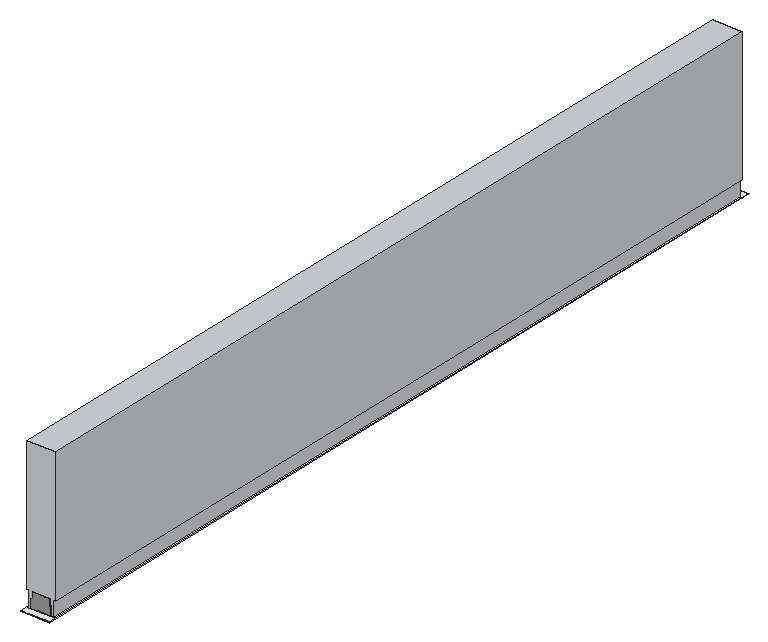
Revit family "MADEL_DIFFUSER_SECTORED LINEAR SLOT_LSD+PLSD (2.D1)_0", category Terminales de aire, Revit 2015
Parameters (values of type "LSD-200-PLSD-(1 Slot)-2000")
  n_factor = 32.531  # constant formula
  m_factor = 1.9847
  c_factor = -4.9125  # constant formula
  b_factor = 0.10613
  Vmin = 2.5 m/s  # constant formula
  Vmed = (Vmax + Vmin) / 2  # 3.5 m/s
  Vmax = if(or(Nº Slots = 1, Nº Slots = 2), 4.5 m/s, if(Nº Slots = 3, 4.0 m/s, if(Nº Slots = 4, 4.0 m/s, 0.0 m/s)))  # 4.5 m/s
  V[m/s] [instance] = Q / Afree / 1.0 m/s  # 3.5
  V6 [instance] = if(AR, 1 = 1, if(ARI, 1 = 1, 1 = 0))  # yes
  V5 [instance] = if(AR, 1 = 1, if(ARD, 1 = 1, 1 = 0))  # yes
  V4 = if(Nº Slots = 1, 1 = 1, 1 = 0)  # yes
  V3 = if(Nº Slots = 2, 1 = 1, if(Nº Slots = 3, 1 = 1, if(Nº Slots = 4, 1 = 1, 1 = 0)))  # no
  V2 = if(Nº Slots = 2, 1 = 0, if(Nº Slots = 3, 1 = 1, if(Nº Slots = 4, 1 = 1, 1 = 0)))  # no
  V1 = if(Nº Slots = 2, 1 = 1, 1 = 0)  # no
  URL = "http://www.madel.com/en/producto/lsd-sectored-linear-slot-diffusers/"
  Standard = "UNE 23-727 M2/ NFP 92-501 M2/ DIN 4102 M2"  # constant formula
  Revit Version = "Revit 2015 - English"  # constant formula
  Review Date = "11/2016"  # constant formula
  RAL [instance] = " "
  R9010 [instance] = no
  R [instance] = yes
  Q_Connector [instance] = Q / 2  # 109.62 m³/h
  Q [instance] = 219.24 m³/h
  Product Type [instance] = Modelo  # "LSD-200-PLSD-(1 Slot)-2000"
  Product Size = "1x2000"
  Product Reference [instance] = if(R, if(AIS, if(Nº Options = 4, if([(D)], if(AR, "LSD-200-AR+PLSD-AIS-R (D)", if(ARD, "LSD-200-ARD+PLSD-AIS-R (D)", if(INT, "LSD-200-INT+PLSD-AIS-R (D)", if(ARI, "LSD-200-ARI+PLSD-AIS-R (D)", "Consult Manufacturer")))), if([(PL)], if(AR, "LSD-200-AR+PLSD-AIS-R (PML)", if(ARD, "LSD-200-ARD+PLSD-AIS-R (PML)", if(INT, "LSD-200-INT+PLSD-AIS-R (PML)", if(ARI, "LSD-200-ARI+PLSD-AIS-R (PML)", "Consult Manufacturer")))), "Consult Manufacturer")), if(Nº Options = 3, if(AR, "LSD-200-AR+PLSD-AIS-R", if(ARD, "LSD-200-ARD+PLSD-AIS-R", if(INT, "LSD-200-INT+PLSD-AIS-R", if(ARI, "LSD-200-ARI+PLSD-AIS-R", "Consult Manufacturer")))), if(Nº Options = 2, "LSD-200+PLSD-AIS-R", "Consult Manufacturer"))), if(Nº Options = 3, if([(D)], if(AR, "LSD-200-AR+PLSD-R (D)", if(ARD, "LSD-200-ARD+PLSD-R (D)", if(INT, "LSD-200-INT+PLSD-R (D)", if(ARI, "LSD-200-ARI+PLSD-R (D)", "Consult Manufacturer")))), if([(PL)], if(AR, "LSD-200-AR+PLSD-R (PML)", if(ARD, "LSD-200-ARD+PLSD-R (PML)", if(INT, "LSD-200-INT+PLSD-R (PML)", if(ARI, "LSD-200-ARI+PLSD-R (PML)", "Consult Manufacturer")))), "Consult Manufacturer")), if(Nº Options = 2, if(AR, "LSD-200-AR+PLSD-R", if(ARD, "LSD-200-ARD+PLSD-R", if(INT, "LSD-200-INT+PLSD-R", if(ARI, "LSD-200-ARI+PLSD-R", "Consult Manufacturer")))), if(Nº Options = 1, "LSD-200+PLSD-R", "Consult Manufacturer")))), if(AIS, if(Nº Options = 3, if([(D)], if(AR, "LSD-200-AR+PLSD-AIS (D)", if(ARD, "LSD-200-ARD+PLSD-AIS (D)", if(INT, "LSD-200-INT+PLSD-AIS (D)", if(ARI, "LSD-200-ARI+PLSD-AIS (D)", "Consult Manufacturer")))), if([(PL)], if(AR, "LSD-200-AR+PLSD-AIS (PML)", if(ARD, "LSD-200-ARD+PLSD-AIS (PML)", if(INT, "LSD-200-INT+PLSD-AIS (PML)", if(ARI, "LSD-200-ARI+PLSD-AIS (PML)", "Consult Manufacturer")))), "Consult Manufacturer")), if(Nº Options = 2, if(AR, "LSD-200-AR+PLSD-AIS", if(ARD, "LSD-200-ARD+PLSD-AIS", if(INT, "LSD-200-INT+PLSD-AIS", if(ARI, "LSD-200-ARI+PLSD-AIS", "Consult Manufacturer")))), if(Nº Options = 1, "LSD-200+PLSD-AIS", "Consult Manufacturer"))), if(Nº Options = 2, if([(D)], if(AR, "LSD-200-AR+PLSD (D)", if(ARD, "LSD-200-ARD+PLSD (D)", if(INT, "LSD-200-INT+PLSD (D)", if(ARI, "LSD-200-ARI+PLSD (D)", "Consult Manufacturer")))), if([(PL)], if(AR, "LSD-200-AR+PLSD (PML)", if(ARD, "LSD-200-ARD+PLSD (PML)", if(INT, "LSD-200-INT+PLSD (PML)", if(ARI, "LSD-200-ARI+PLSD (PML)", "Consult Manufacturer")))), "Consult Manufacturer")), if(Nº Options = 1, if(AR, "LSD-200-AR+PLSD", if(ARD, "LSD-200-ARD+PLSD", if(INT, "LSD-200-INT+PLSD", if(ARI, "LSD-200-ARI+PLSD", "Consult Manufacturer")))), if(Nº Options = 0, "LSD-200+PLSD", "Consult Manufacturer")))))  # "LSD-200-AR+PLSD-AIS-R"
  Plenum Connection Type = "Lateral"  # constant formula
  PLSD [instance] = 1 = 1  # yes
  Nº Slots = if(A = 55.0 mm, 1, if(A = 95.0 mm, 2, if(A = 134.0 mm, 3, if(A = 173.0 mm, 4, 0))))  # 1
  Nº Plenum Connections = 2  # constant formula
  Nº Options [instance] = if(AIS, 1, 0) + if(R, 1, 0) + if(AR, 1, 0) + if(ARD, 1, 0) + if(INT, 1, 0) + if(ARI, 1, 0) + if([(D)], 1, 0) + if([(PL)], 1, 0)  # 3
  Nº Finishes [instance] = if(AA, 1, 0) + if(R9010, 1, 0) + if(M9016, 1, 0) + if(AB, 1, 0)  # 1
  N_Slots = if(A = 95.0 mm, 2, if(A = 134.0 mm, 3, if(A = 173.0 mm, 4, 2)))  # 2
  N_Graphic lines = if(Nº Slots = 1, 2, if(Nº Slots = 2, 4, if(Nº Slots = 3, 6, if(Nº Slots = 4, 8, 2))))  # 2
  N_E = if(Nº Slots > 2, Nº Slots - 1, 2)  # 2
  Modelo = "LSD-200-PLSD-(1 Slot)-2000"
  Material and finishes [instance] = if(and(AA, Nº Finishes = 1), "AA", if(and(R9010, Nº Finishes = 1), "R9010", if(and(M9016, Nº Finishes = 1), "M9016", if(and(R9010, AB, Nº Finishes = 2), "R9010/AB/", if(and(AA, AB, Nº Finishes = 2), "AA/AB/", if(and(AB, M9016, Nº Finishes = 2), "M9016/AB/", if(Nº Finishes = 0, "Custom RAL", "Consult Manufacturer")))))))  # "M9016"
  Material Plenum Box = none
  Material Difusser = MADEL_M9016
  Material Blades = MADEL_PVC Negro Aletas
  M9016 [instance] = yes
  Lw (dB(A)) [instance] = n_factor * (log([V[m/s]]) / log(2.7183)) + c_factor  # 35.8411
  L2 = L / 2 * -1  # -1000.0 mm
  L1 = L / 2  # 1000.0 mm
  L = 2000.0 mm
  Imagen de tipo = <Ninguno>
  IfcExportType = "IfcAirTerminalType"  # constant formula
  IfcExportAs = "IfcAirTerminalType"  # constant formula
  INT [instance] = no
  G_material = 1.2 mm
  G1 = 20.9 mm
  G = 36.0 mm
  Flujo mín. = Vmin * Afree  # 156.6 m³/h
  Flujo máx. = Vmax * Afree  # 281.88 m³/h
  Fabricante = "MADEL"  # constant formula
  Family Version = "1.0"  # constant formula
  E = 68.0 mm
  Descripción = "MADEL_Sectored linear slot diffusers"  # constant formula
  D_Connector = 160.0 mm
  DPt [instance] = (10 ^ (log([V[m/s]]) * m_factor + b_factor)) * 1.0 Pa  # 15.3439 Pa
  D1 = D_Connector - 2.0 mm  # 158.0 mm
  Comentarios de tipo = "The LSD series linear diffusers are designed to combine the aesthetics with the technical performance. They can be mounted in false ceilings or suspended from the ceiling. They allow the formation of diffuser continuous lines, with active and inactive areas, without breaking the uniformity of the whole. They are suitable both for supply and return. By adjusting their blades, sectored each 100mm, it is possible to obtain a horizontal distribution of the air in one or the other direction or its vertical projection without change the volume of air. The LSD diffusers admit a flow variation of 60% keeping the air stream stable. These diffusers can be used from 2,6 up to 4 metres high and at a temperature differential up to 12ºC."  # constant formula
  Created by = "BIMETRICAL"  # constant formula
  C = 40.5 mm
  BIMETRICAL Category = "AirTerminal"  # constant formula
  BIMETRICAL = "http://www.bimetrical.com"  # constant formula
  B = 46.7 mm
  Afree_factor = 0.0087 m²
  Afree = Afree_factor * L / 1000.0 mm  # 0.0174 m²
  ARI [instance] = no
  ARD [instance] = no
  AR [instance] = if(or(ARD, INT, ARI), 1 = 0, 1 = 1)  # yes
  AIS [instance] = yes
  AB [instance] = no
  AA [instance] = no
  A = 55.0 mm
  (PL) [instance] = no
  (D) [instance] = no
Types (7, lengths in mm): name | m_factor | b_factor | Vmed | Vmax | V[m/s] | V4 | V3 | V2 | V1 | Q_Connector | Q | Product Type | Product Size | Nº Slots | N_Slots | N_Graphic lines | N_E | Modelo | Lw (dB(A)) | L2 | L1 | L | Flujo mín. | Flujo máx. | E | D_Connector | DPt | D1 | C | B | Afree_factor | Afree | A
  LSD-200-PLSD-(2 Slots)-2000 | 1.9813 | 0.20586 | 3.5 m/s | 4.5 m/s | 3.5 | no | yes | no | yes | 219.24 m³/h | 438.48 m³/h | "LSD-200-PLSD-(2 Slots)-2000" | "2x2000" | 2 | 2 | 4 | 2 | "LSD-200-PLSD-(2 Slots)-2000" | 35.8411 | -1000.0 | 1000.0 | 2000.0 | 313.2 m³/h | 563.76 m³/h | 107.3 | 160.0 | 19.2242 Pa | 158.0 | 79.9 | 86.1 | 0.0174 m² | 0.0348 m² | 95.0
  LSD-200-PLSD-(3 Slots)-2000 | 1.9783 | 0.28315 | 3.25 m/s | 4.0 m/s | 3.25 | no | yes | yes | no | 305.37 m³/h | 610.74 m³/h | "LSD-200-PLSD-(3 Slots)-2000" | "3x2000" | 3 | 3 | 6 | 2 | "LSD-200-PLSD-(3 Slots)-2000" | 33.4303 | -1000.0 | 1000.0 | 2000.0 | 469.8 m³/h | 751.68 m³/h | 146.6 | 200.0 | 19.7617 Pa | 198.0 | 119.3 | 125.5 | 0.0261 m² | 0.0522 m² | 134.0
  LSD-200-PLSD-(4 Slots)-1500 | 1.9804 | 0.38451 | 3.25 m/s | 4.0 m/s | 3.25 | no | yes | yes | no | 456.3 m³/h | 912.6 m³/h | "LSD-200-PLSD-(4 Slots)-1500" | "4x1500" | 4 | 4 | 8 | 3 | "LSD-200-PLSD-(4 Slots)-1500" | 33.4303 | -750.0 | 750.0 | 1500.0 | 702 m³/h | 1123.2 m³/h | 185.9 | 200.0 | 25.0185 Pa | 198.0 | 158.7 | 164.9 | 0.0520 m² | 0.0780 m² | 173.0
  LSD-200-PLSD-(2 Slots)-1500 | 1.9813 | 0.20586 | 3.5 m/s | 4.5 m/s | 3.5 | no | yes | no | yes | 164.43 m³/h | 328.86 m³/h | "LSD-200-PLSD-(2 Slots)-1500" | "2x1500" | 2 | 2 | 4 | 2 | "LSD-200-PLSD-(2 Slots)-1500" | 35.8411 | -750.0 | 750.0 | 1500.0 | 234.9 m³/h | 422.82 m³/h | 107.3 | 160.0 | 19.2242 Pa | 158.0 | 79.9 | 86.1 | 0.0174 m² | 0.0261 m² | 95.0
  LSD-200-PLSD-(3 Slots)-1500 | 1.9783 | 0.28315 | 3.25 m/s | 4.0 m/s | 3.25 | no | yes | yes | no | 229.028 m³/h | 458.055 m³/h | "LSD-200-PLSD-(3 Slots)-1500" | "3x1500" | 3 | 3 | 6 | 2 | "LSD-200-PLSD-(3 Slots)-1500" | 33.4303 | -750.0 | 750.0 | 1500.0 | 352.35 m³/h | 563.76 m³/h | 146.6 | 200.0 | 19.7617 Pa | 198.0 | 119.3 | 125.5 | 0.0261 m² | 0.03915 m² | 134.0
  LSD-200-PLSD-(4 Slots)-2000 | 1.9804 | 0.38451 | 3.25 m/s | 4.0 m/s | 3.25 | no | yes | yes | no | 608.4 m³/h | 1216.8 m³/h | "LSD-200-PLSD-(4 Slots)-2000" | "4x2000" | 4 | 4 | 8 | 3 | "LSD-200-PLSD-(4 Slots)-2000" | 33.4303 | -1000.0 | 1000.0 | 2000.0 | 936 m³/h | 1497.6 m³/h | 185.9 | 200.0 | 25.0185 Pa | 198.0 | 158.7 | 164.9 | 0.0520 m² | 0.1040 m² | 173.0
  LSD-200-PLSD-(1 Slot)-2000 | 1.9847 | 0.10613 | 3.5 m/s | 4.5 m/s | 3.5 | yes | no | no | no | 109.62 m³/h | 219.24 m³/h | "LSD-200-PLSD-(1 Slot)-2000" | "1x2000" | 1 | 2 | 2 | 2 | "LSD-200-PLSD-(1 Slot)-2000" | 35.8411 | -1000.0 | 1000.0 | 2000.0 | 156.6 m³/h | 281.88 m³/h | 68.0 | 160.0 | 15.3439 Pa | 158.0 | 40.5 | 46.7 | 0.0087 m² | 0.0174 m² | 55.0
Reference planes
  plane 1 "Centro (Frontal/Posterior)": z = -1.2
  plane 2: y = 245
  plane 3 "Centro (Izquierda/Derecha)": x = 0
  plane 4: z = 0
  plane 5: x = -10
  plane 6: x = -23.35
  plane 7: x = 23.35
  plane 8: z = 20.9
  plane 9: z = 36
  plane 10: y = -755
  plane 11: y = 1245
  plane 12: x = -34
  plane 13: x = 34
  plane 14: x = -20.25
  plane 15: x = 20.25
  plane 16: x = -27.5
  plane 17: x = 27.5
  plane 18: x = 29.3
  plane 19: x = 10
  plane 20: x = 10
  plane 21: x = 49.3
Forms (mm)
  Extrusion 1, solid, material "MADEL_M9016" <- "Material Difusser"
    sketch origin (0, 995, 5) x (1, 0, 0) y (0, 0, 1)
      loop
        line (-34, -6.2) -> (-10, -6.2) -> (-10, -5) -> (10, -5) -> (10, -6.2) -> (34, -6.2) -> (34, -5) -> (23.35, -5) -> (23.35, 15.9) -> (20.25, 15.9) -> (20.25, 31) -> (-20.25, 31) -> (-20.25, 15.9) -> (-23.35, 15.9) -> (-23.35, -5) -> (-34, -5) -> (-34, -6.2)
    from -250 to 1750
  Extrusion 2, solid, material "MADEL_PVC Negro Aletas" <- "Material Blades", visible <- "V3"
    sketch origin (39.3, 245, 4.9) x (1, 0, 0) y (0, 0, 1)
      loop
        line (-49.3, -4.9) -> (-49.3, -6.1) -> (-29.3, -6.1) -> (-29.3, -4.9) -> (-49.3, -4.9)
    from -1000 <- "L2" to 1000 <- "L1"
  Extrusion 3, solid, material "MADEL_PVC Negro Aletas" <- "Material Blades", visible <- "V3"
    sketch origin (78.6, 245, 4.9) x (1, 0, 0) y (0, 0, 1)
      loop
        line (-49.3, -4.9) -> (-49.3, -6.1) -> (-29.3, -6.1) -> (-29.3, -4.9) -> (-49.3, -4.9)
    from -1000 <- "L2" to 1000 <- "L1"
  Extrusion 4, solid, material "MADEL_M9016" <- "Material Difusser", visible <- "V1"
    sketch origin (0, 245, 5) x (1, 0, 0) y (0, 0, 1)
      loop
        line (10, -5) -> (10, -6.2) -> (29.3, -6.2) -> (29.3, -5) -> (10, -5)
    from -1000 <- "L2" to 1000 <- "L1"
  Extrusion 5, solid, material "MADEL_M9016" <- "Material Difusser", visible <- "V2"
    sketch origin (48.61, 245, -1.623) x (1, 0, 0) y (0, 0, 1)
      loop
        line (-38.61, 1.623) -> (-38.61, 0.423) -> (-19.31, 0.423) -> (-19.31, 1.623) -> (-38.61, 1.623)
    from -1000 <- "L2" to 1000 <- "L1"
  Extrusion 6, solid, material "MADEL_M9016" <- "Material Difusser", visible <- "V2"
    sketch origin (87.91, 245, -1.623) x (1, 0, 0) y (0, 0, 1)
      loop
        line (-38.61, 1.623) -> (-38.61, 0.423) -> (-19.31, 0.423) -> (-19.31, 1.623) -> (-38.61, 1.623)
    from -1000 <- "L2" to 1000 <- "L1"
  Extrusion 7, solid, not visible
    sketch origin (0, 0, -1.2) x (0, -1, 0) y (1, 0, 0)
      loop
        circle (-245, 0) r 2.821
    from 0.922 to 1.2
  Extrusion 8, solid, material "MADEL_PVC Negro Aletas" <- "Material Blades", visible <- "V4"
    sketch origin (0, 245, 5) x (1, 0, 0) y (0, 0, 1)
      loop
        line (-10, -6.2) -> (10, -6.2) -> (10, -5) -> (-10, -5) -> (-10, -6.2)
    from -1000 to 1000
  Extrusion 9, solid, material "MADEL_M9016" <- "Material Difusser", visible <- "V5"
    sketch origin (0, 0, 0) x (1, 0, 0) y (0, 1, 0)
      loop
        line (-34, -755) -> (-34, -773) -> (34, -773) -> (34, -755) -> (-34, -755)
    from -1.2 to 0
  Extrusion 10, solid, material "MADEL_M9016" <- "Material Difusser", visible <- "V6"
    sketch origin (0, 1045, 0) x (1, 0, 0) y (0, 1, 0)
      loop
        line (-34, 218) -> (-34, 200) -> (34, 200) -> (34, 218) -> (-34, 218)
    from -1.2 to 0
Lines and regions (mm)
  symbolic lines, visible <- "V6"
    curve 1: line (-34, 1245, -1.2) -> (-34, 1263, -1.2)
    curve 3: line (34, 1263, -1.2) -> (34, 1245, -1.2)
    curve 10: line (34, 1263, 0) -> (-34, 1263, 0)
  symbolic lines
    curve 2: line (34, 1245, -1.2) -> (-34, 1245, -1.2)
    curve 4: line (-34, -755, -1.2) -> (34, -755, -1.2)
    curve 8: line (-34, -755, -1.2) -> (-34, 1245, -1.2)
    curve 9: line (34, 1245, -1.2) -> (34, -755, -1.2)
  symbolic lines, visible <- "V5"
    curve 5: line (-34, -773, -1.2) -> (-34, -755, -1.2)
    curve 6: line (34, -773, -1.2) -> (-34, -773, -1.2)
    curve 7: line (34, -755, -1.2) -> (34, -773, -1.2)
Dimensions and locks
  "G": plane 9 to level
  "G1": plane 8 to plane 4
  equal spacing: plane 10, plane 2, plane 11
  equal spacing: plane 7, plane 3 "Centro (Izquierda/Derecha)", plane 6
  equal spacing: plane 13, plane 3 "Centro (Izquierda/Derecha)", plane 12
  "B": plane 7 to plane 6
  "E": plane 13 to plane 12
  equal spacing: plane 15, plane 3 "Centro (Izquierda/Derecha)", plane 14
  equal spacing: plane 17, plane 3 "Centro (Izquierda/Derecha)", plane 16
  "A": plane 17 to plane 16
  locked: plane 5 to plane 12 at 24
  locked: plane 18 to plane 5 at 39.3
  "L": plane 10 to plane 11
  group 1 to group 2 = 39.3 mm
  group 1 to group 2 = 0.0 mm  (x2)
  locked: plane 19 to plane 13 at 24
  locked: plane 20 to plane 5 at 20
  locked: Extrusion 5 sketch curve to Extrusion 5 sketch curve at 19.3
  locked: Extrusion 5 sketch curve to Extrusion 5 sketch curve at 1.2
  locked: plane 21 to plane 20 at 39.3
  locked: Extrusion 6 sketch curve to Extrusion 6 sketch curve at 19.3
  locked: Extrusion 6 sketch curve to Extrusion 6 sketch curve at 1.2
  group 3 to group 4 = 39.3 mm
  group 3 to group 4 = 0.0 mm  (x2)
  "C": plane 15 to plane 14
  locked: Extrusion 9 sketch curve to Extrusion 9 sketch curve at 18
  locked: Extrusion 10 sketch curve to Extrusion 10 sketch curve at 18
  locked: plane 12 to nested 1 at 24
  group 6 to group 7 = 20.0 mm
  group 6 to group 7 = 0.0 mm  (x2)
  locked: nested 3 to plane 13 at 24
  aligned and locked: Extrusion 1 to plane 10
  aligned and locked: plane 11 to Extrusion 1
  aligned and locked: plane 4 to Extrusion 1
  aligned and locked: Extrusion 1 to plane 14
  aligned and locked: plane 15 to Extrusion 1
  aligned and locked: Extrusion 1 to plane 13
  aligned and locked: Extrusion 1 to plane 12
  aligned and locked: Extrusion 2 to plane 5
  aligned and locked: Extrusion 3 to plane 18
  aligned and locked: Extrusion 4 sketch curve to plane 18
  aligned and locked: plane 20 to Extrusion 4 sketch curve
  aligned and locked: Extrusion 5 to plane 20
  aligned and locked: Extrusion 5 to Extrusion 4
  aligned and locked: Extrusion 4 to plane 20
  aligned and locked: Extrusion 6 to plane 21
  aligned and locked: plane 2 to Extrusion 7 sketch curve
  aligned and locked: plane 3 "Centro (Izquierda/Derecha)" to Extrusion 7 sketch curve
  aligned and locked: Extrusion 8 to plane 10
  aligned and locked: plane 11 to Extrusion 8
  aligned and locked: plane 20 to Extrusion 8 sketch curve
  aligned and locked: plane 4 to Extrusion 8 sketch curve
  aligned and locked: Extrusion 8 sketch curve to plane 5
  aligned and locked: plane 1 "Centro (Frontal/Posterior)" to Extrusion 8 sketch curve
  aligned and locked: plane 13 to Extrusion 9 sketch curve
  aligned and locked: plane 12 to Extrusion 9 sketch curve
  aligned and locked: plane 10 to Extrusion 9
  aligned and locked: Extrusion 10 to plane 11
  aligned and locked: plane 11 to nested 1
  aligned and locked: plane 11 to nested 3
  aligned and locked: plane 3 "Centro (Izquierda/Derecha)" to nested 4
  aligned and locked: plane 2 to nested 4
Automatic sketch dimensions
  Extrusion 2 sketch curve to Extrusion 2 sketch curve = 20.0 mm
  Extrusion 2 sketch curve to Extrusion 2 sketch curve = 1.2 mm
  Extrusion 3 sketch curve to Extrusion 3 sketch curve = 20.0 mm
  Extrusion 3 sketch curve to Extrusion 3 sketch curve = 1.2 mm
  Extrusion 1 sketch curve to level = 0.0 mm  (x3)
  Extrusion 1 sketch curve to plane 12 = 0.0 mm
  Extrusion 1 sketch curve to plane 6 = 0.0 mm
  Extrusion 1 sketch curve to plane 9 = 0.0 mm
  Extrusion 1 sketch curve to plane 14 = 0.0 mm
  Extrusion 1 sketch curve to plane 1 "Centro (Frontal/Posterior)" = 0.0 mm  (x2)
  Extrusion 1 sketch curve to plane 5 = 0.0 mm
  plane 19 to Extrusion 1 sketch curve = 0.0 mm
  Extrusion 1 sketch curve to plane 8 = 0.0 mm  (x2)
  Extrusion 1 sketch curve to plane 15 = 0.0 mm
  Extrusion 1 sketch curve to plane 7 = 0.0 mm
  plane 13 to Extrusion 1 sketch curve = 0.0 mm
  Extrusion 4 sketch curve to plane 1 "Centro (Frontal/Posterior)" = 0.0 mm
  Extrusion 4 sketch curve to level = 0.0 mm
  Extrusion 9 sketch curve to plane 10 = 18.0 mm
  Extrusion 10 sketch curve to plane 12 = 0.0 mm
  Extrusion 10 sketch curve to plane 13 = 0.0 mm
  plane 11 to Extrusion 10 sketch curve = 0.0 mm
  curve 1 to plane 12 = 0.0 mm
  curve 2 to plane 11 = 0.0 mm
  curve 4 to curve 6 = 18.0 mm
  curve 5 to plane 10 = 0.0 mm
  curve 3 to plane 13 = 0.0 mm
  plane 11 to curve 3 = 18.0 mm
  plane 11 to curve 1 = 18.0 mm
  curve 10 to plane 12 = 0.0 mm
  curve 10 to plane 13 = 0.0 mm
  plane 11 to curve 10 = 18.0 mm
  radius of Extrusion 7 sketch curve = 2.821 mm
Nested families
  nested 1: "Grafismo Rejilla" at (-10, 245, 0) x (0, 1, 0) z (0, 0, 1), LL <- "L", type "Linea"
    with LL 2000.0 mm
  nested 2: "Grafismo Rejilla" at (-203.732, -36.541, 0) x (0, 1, 0) z (0, 0, 1), type "Linea", not visible
    with LL 50000.0 mm
  nested 3: "Grafismo Rejilla" at (10, 245, 0) x (0, 1, 0) z (0, 0, 1), LL <- "L", type "Linea"
    with LL 2000.0 mm
  nested 4: "Plenum_PLSD (2.D1)" at (0, 245, 0), type "Plenum_PLSD (2.D1)"
    with L1 34.0 mm, H2 90.0 mm, H 310.0 mm, E2 58.0 mm, E 68.0 mm, D_Conector 160.0 mm, B2 500.0 mm, B 2000.0 mm
Connectors
  hvac at (-34, 745, 256), driven by "DPt", driven by "Q_Connector", driven by "D_Connector"
    settings: on nested 4, index 1, duct flow 109.62 m³/h, flow factor 0, pres drop 15.3439 Pa, loss coef 0, conn angle 0.00°, conn width 304.8 mm, conn height 304.8 mm, conn diameter 160 mm, duct sys type 1, conn prof type 0, flow config 1, flow direction 1, loss method 4, conn ref index -1, conn util no, is conn primary yes, conn desc ""
  hvac at (-34, -255, 256), driven by "DPt", driven by "Q_Connector", driven by "D_Connector"
    settings: on nested 4, index 2, duct flow 109.62 m³/h, flow factor 0, pres drop 15.3439 Pa, loss coef 0, conn angle 0.00°, conn width 304.8 mm, conn height 304.8 mm, conn diameter 160 mm, duct sys type 1, conn prof type 0, flow config 1, flow direction 1, loss method 4, conn ref index -1, conn util no, is conn primary no, conn desc ""
Definition of nested family "Plenum_PLSD (2.D1)"
  Parameters (values of type "Plenum_PLSD (2.D1)")
    URL = "http://www.madel.com/producto/plrx-plenum-con-conexion-circular-para-rejillas/"
    PLSD = yes
    Nº Conexiones = 2  # constant formula
    Model = "PLSD"  # constant formula
    Material Plenum = none
    L1 [instance] = E / 2  # 37.5 mm
    IfcExportType = "IfcAirTerminalBoxType"  # constant formula
    IfcExportAs = "IfcAirTerminalBoxType"  # constant formula
    H2 = (10.0 mm + (D_Conector / 2))  # 40.5 mm
    H = (140.0 mm + D_Conector + 10.0 mm)  # 211.0 mm
    Manufacturer = "MADEL"  # constant formula
    E2 = E - 10.0 mm  # 65.0 mm
    E = 75.0 mm
    Description = "Plenum de conexión lateral"  # constant formula
    D_Conector = 61.0 mm
    Type Comments = "Plenum con conexión circular para difusor LSD. Construido en acero galvanizado."  # constant formula
    B2 = B / (2 * 2)  # 50.0 mm
    B = 200.0 mm
    An = 180.00°  # constant formula
  Reference planes
    plane 1 "Centro (Frontal/Posterior)": y = 0
    plane 2: z = 0
    plane 3 "Centro (Izquierda/Derecha)": x = 0
    plane 4: z = 247
    plane 5: y = 100
    plane 6: y = -100
    plane 7: x = 37.5
    plane 8: x = -37.5
    plane 9: z = 242
    plane 10: z = 206.5
    plane 11: z = 36
    plane 12: x = -32.5
    plane 13: x = 32.5
    plane 14: y = -50
    plane 15: y = 50
  Forms (mm)
    Extrusion 1, solid, material <- "Material Plenum"
      sketch origin (-37.5, -100, 206.5) x (0, -1, 0) y (0, 0, 1)
        loop
          circle (-50, 0) r 30.5
      from 0 to -5
    Extrusion 2, solid, material <- "Material Plenum"
      sketch origin (0, 0, 0) x (1, 0, 0) y (0, 0, 1)
        loop
          line (-37.5, 247) -> (-37.5, 36) -> (-32.5, 36) -> (-32.5, 0) -> (32.5, 0) -> (32.5, 36) -> (37.5, 36) -> (37.5, 247) -> (-37.5, 247)
      from -100 to 100
    Extrusion 3, solid, material <- "Material Plenum"
      sketch origin (-37.5, 0, 206.5) x (0, -1, 0) y (0, 0, 1)
        loop
          circle (-50, 0) r 30.5
      from 0 to -5
  Lines and regions (mm)
    reference lines
      curve 1: line (0, -50, 206.5) -> (-37.5, -50, 206.5)
      curve 2: line (0, 50, 206.5) -> (-37.5, 50, 206.5)
  Dimensions and locks
    equal spacing: plane 8, plane 3 "Centro (Izquierda/Derecha)", plane 7
    "E": plane 8 to plane 7
    equal spacing: plane 6, plane 1 "Centro (Frontal/Posterior)", plane 5
    "B": plane 6 to plane 5
    "H": plane 4 to plane 11
    plane 4 to plane 9 = 5.0 mm
    "L1": curve 1 to curve 1
    "H2": plane 4 to plane 10
    locked: plane 11 to plane 2 at 36
    equal spacing: plane 12, plane 3 "Centro (Izquierda/Derecha)", plane 13
    "E2": plane 12 to plane 13
    "B2": plane 5 to plane 15
    "B2": plane 6 to plane 14
    "D_Conector": diameter of Extrusion 1 sketch curve
    "D_Conector": diameter of Extrusion 3 sketch curve
    "An": angle plane 10 to curve 1
    aligned and locked: level to plane 2
    aligned and locked: plane 3 "Centro (Izquierda/Derecha)" to curve 1
    aligned and locked: plane 10 to curve 1
    aligned and locked: plane 2 to Extrusion 2 sketch curve
    aligned and locked: Extrusion 2 sketch curve to plane 13
    aligned and locked: Extrusion 2 sketch curve to plane 12
    aligned and locked: plane 11 to Extrusion 2 sketch curve  (x2)
    aligned and locked: Extrusion 2 sketch curve to plane 7
    aligned and locked: Extrusion 2 sketch curve to plane 8
    aligned and locked: plane 5 to Extrusion 2
    aligned and locked: plane 6 to Extrusion 2
    aligned and locked: plane 10 to Extrusion 1 sketch curve
    aligned and locked: plane 14 to Extrusion 1 sketch curve
    aligned and locked: plane 15 to Extrusion 3 sketch curve
    aligned and locked: plane 10 to Extrusion 3 sketch curve
  Automatic sketch dimensions
    Extrusion 2 sketch curve to plane 4 = 0.0 mm
    curve 2 to plane 3 "Centro (Izquierda/Derecha)" = 0.0 mm
    plane 8 to curve 2 = 0.0 mm
    curve 2 to plane 10 = 0.0 mm
Definition of nested family "Grafismo Rejilla"
  Parameters (values of type "Linea")
    LL [instance] = 1500.0 mm
  Reference planes
    plane 1 "Centro (Frontal/Posterior)": y = 0
    plane 2: z = 0
    plane 3 "Centro (Izquierda/Derecha)": x = 0
  Lines and regions (mm)
    symbolic lines
      curve 1: line (-750, 0, 0) -> (750, 0, 0)
  Dimensions and locks
    "LL": curve 1 to curve 1
    equal spacing: curve 1, plane 3 "Centro (Izquierda/Derecha)", curve 1
    aligned and locked: level to plane 2
  Automatic sketch dimensions
    plane 1 "Centro (Frontal/Posterior)" to curve 1 = 0.0 mm
